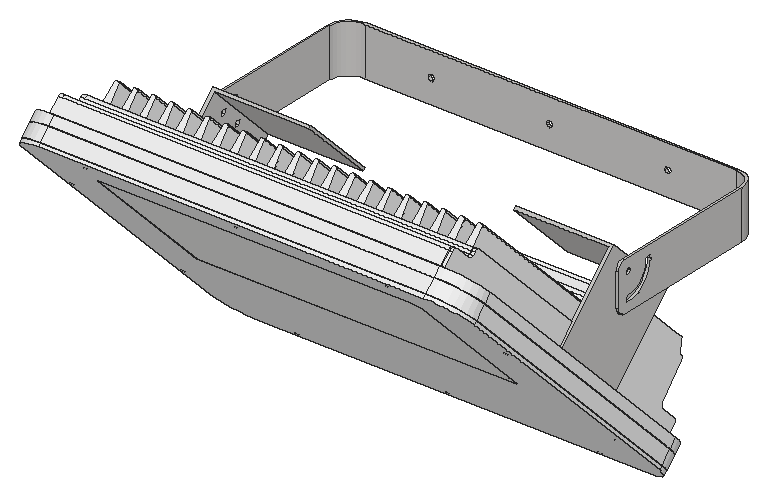
Revit family "FT ATEX LED MAX_2021", category Luminarias, Revit 2021 (continued)
Types (12, lengths in mm): name | Wattage | Power | Position | Archivo de red fotométrica | built-in parameter 1150142 | Modules | Lumens | built-in parameter 1150105 | built-in parameter 1150106 | Equiv MH
    \t4274.0546\r\n3184.3886\t2148.7786\t1449.0421\t1008.4752\t756.3564\t573.0361\t0\t0\t0\t0\r\n0\t0\t0\t0\t0\t0\t0\t0\t0\t0\r\n0\t0\t0\t0\t0\t0\t0\t0\t0\t0\r\n0\t0\t0\t0\t0\t0\t0\t0\t0\t0\r\n0\t0\t0\t0\t0\t0\t0\t0\t0\t0\r\n0\r\n1589.8441\t1593.9036\t1604.5866\t1614.6286\t1628.7302\t1643.6864\t1660.5655\t1676.59\t1693.2555\t1710.562\r\n1724.8772\t1746.8842\t1766.9682\t1801.3675\t1843.4585\t1898.3691\t1960.5442\t2029.3427\t2100.2778\t2177.8364\r\n2256.0359\t2340.4316\t2428.0322\t2517.7694\t2625.2404\t2743.1807\t2886.7603\t3063.6707\t3283.9542\t3552.0975\r\n3854.8537\t4175.771\t4495.4064\t4823.3745\t5155.1885\t5427.3913\t5550.2458\t5451.5349\t5020.5827\t4210.5976\r\n3150.844\t2143.6508\t1454.5973\t1009.7572\t755.5018\t570.8995\t0\t0\t0\t0\r\n0\t0\t0\t0\t0\t0\t0\t0\t0\t0\r\n0\t0\t0\t0\t0\t0\t0\t0\t0\t0\r\n0\t0\t0\t0\t0\t0\t0\t0\t0\t0\r\n0\t0\t0\t0\t0\t0\t0\t0\t0\t0\r\n0\r\n1591.3397\t1592.1943\t1604.5866\t1612.7057\t1626.5936\t1642.1908\t1656.9333\t1674.0261\t1686.4184\t1704.3658\r\n1717.3991\t1737.0558\t1758.4218\t1792.8211\t1837.9033\t1892.6003\t1958.1939\t2026.9924\t2095.5773\t2175.0588\r\n2249.6261\t2338.7224\t2423.1181\t2514.7782\t2626.9497\t2743.1807\t2889.7515\t3066.4483\t3288.4411\t3553.5931\r\n3852.5035\t4170.0022\t4486.86\t4817.6057\t5146.6421\t5416.0673\t5519.9061\t5392.9921\t4948.5793\t4147.1406\r\n3117.2994\t2138.3093\t1460.3661\t1011.0391\t754.8608\t568.9766\t0\t0\t0\t0\r\n0\t0\t0\t0\t0\t0\t0\t0\t0\t0\r\n0\t0\t0\t0\t0\t0\t0\t0\t0\t0\r\n0\t0\t0\t0\t0\t0\t0\t0\t0\t0\r\n0\t0\t0\t0\t0\t0\t0\t0\t0\t0\r\n0\r\n1590.2714\t1592.6216\t1601.5954\t1611.4237\t1624.8843\t1639.1995\t1654.3694\t1669.1119\t1682.5725\t1697.1014\r\n1712.9122\t1730.2187\t1753.9349\t1787.9069\t1832.5618\t1890.6773\t1956.4846\t2028.0607\t2096.4319\t2174.6315\r\n2250.6944\t2335.5175\t2422.2634\t2513.9236\t2622.4628\t2739.1212\t2885.692\t3061.7478\t3282.2449\t3545.474\r\n3841.3931\t4157.3963\t4472.9721\t4802.0085\t5121.2165\t5371.8397\t5456.8764\t5311.1603\t4868.0294\t4092.23\r\n3095.2924\t2141.0869\t1471.4764\t1025.3543\t765.7574\t577.9503\t0\t0\t0\t0\r\n0\t0\t0\t0\t0\t0\t0\t0\t0\t0\r\n0\t0\t0\t0\t0\t0\t0\t0\t0\t0\r\n0\t0\t0\t0\t0\t0\t0\t0\t0\t0\r\n0\t0\t0\t0\t0\t0\t0\t0\t0\t0\r\n0\r\n1588.9894\t1593.049\t1598.8178\t1610.1418\t1623.3887\t1636.4219\t1652.0191\t1664.1977\t1678.9403\t1689.6233\r\n1708.4254\t1723.1679\t1749.4481\t1782.9927\t1827.2203\t1888.5407\t1954.7753\t2029.3427\t2097.2866\t2174.2042\r\n2251.9764\t2332.3126\t2421.4088\t2513.0689\t2617.976\t2735.0617\t2881.6324\t3056.8336\t3276.0488\t3537.355\r\n3830.2828\t4144.5767\t4459.0842\t4786.4113\t5096.0047\t5327.6121\t5393.8467\t5229.3285\t4787.266\t4037.533\r\n3073.0718\t2143.8644\t1482.5867\t1039.6696\t776.8678\t586.924\t0\t0\t0\t0\r\n0\t0\t0\t0\t0\t0\t0\t0\t0\t0\r\n0\t0\t0\t0\t0\t0\t0\t0\t0\t0\r\n0\t0\t0\t0\t0\t0\t0\t0\t0\t0\r\n0\t0\t0\t0\t0\t0\t0\t0\t0\t0\r\n0\r\n1590.2714\t1591.3397\t1598.3905\t1606.5095\t1622.1067\t1634.0717\t1649.8825\t1661.4202\t1674.8807\t1688.3413\r\n1703.0839\t1720.8176\t1742.8246\t1777.6512\t1821.0242\t1879.9943\t1946.2289\t2017.1641\t2088.3128\t2163.3075\r\n2240.6524\t2323.9798\t2415.4263\t2509.0094\t2612.2072\t2728.0109\t2870.9494\t3044.014\t3260.2379\t3514.2797\r\n3808.7032\t4125.7746\t4442.6324\t4764.8317\t5077.4162\t5291.9309\t5353.465\t5194.5019\t4761.8404\t4027.7047\r\n3085.8914\t2171.8539\t1506.303\t1069.1546\t785.4142\t589.9153\t0\t0\t0\t0\r\n0\t0\t0\t0\t0\t0\t0\t0\t0\t0\r\n0\t0\t0\t0\t0\t0\t0\t0\t0\t0\r\n0\t0\t0\t0\t0\t0\t0\t0\t0\t0\r\n0\t0\t0\t0\t0\t0\t0\t0\t0\t0\r\n0\r\n1591.3397\t1589.8441\t1597.9631\t1602.8773\t1620.8248\t1631.5078\t1647.9596\t1658.4289\t1670.8212\t1687.273\r\n1697.7424\t1718.2537\t1736.2012\t1772.3097\t1814.828\t1871.4479\t1937.6825\t2004.7718\t2079.3391\t2152.1972\r\n2229.1148\t2315.8607\t2409.2302\t2504.9498\t2606.4383\t2721.1738\t2860.2664\t3031.4081\t3244.2134\t3491.4181\r\n3786.9098\t4106.9725\t4426.1806\t4743.0383\t5059.0415\t5256.4633\t5312.8696\t5159.6753\t4736.6285\t4017.8763\r\n3098.4973\t2199.6297\t1530.0193\t1098.6397\t793.9606\t592.6928\t0\t0\t0\t0\r\n0\t0\t0\t0\t0\t0\t0\t0\t0\t0\r\n0\t0\t0\t0\t0\t0\t0\t0\t0\t0\r\n0\t0\t0\t0\t0\t0\t0\t0\t0\t0\r\n0\t0\t0\t0\t0\t0\t0\t0\t0\t0\r\n0\r\n1591.767\t1589.8441\t1595.8265\t1602.45\t1618.0472\t1631.9351\t1644.541\t1657.3606\t1668.0436\t1681.9315\r\n1694.9648\t1711.6303\t1732.5689\t1765.6862\t1810.7685\t1868.4567\t1935.5459\t2004.3445\t2075.7069\t2150.0606\r\n2226.3372\t2310.5192\t2401.3247\t2496.8308\t2596.61\t2707.0722\t2844.2419\t3010.8967\t3223.7021\t3477.1028\r\n3775.7995\t4096.7168\t4418.9161\t4743.4657\t5052.6317\t5252.1901\t5300.9046\t5143.8645\t4717.6128\t4008.0479\r\n3116.0174\t2253.6857\t1602.8773\t1136.6712\t801.0113\t598.0343\t0\t0\t0\t0\r\n0\t0\t0\t0\t0\t0\t0\t0\t0\t0\r\n0\t0\t0\t0\t0\t0\t0\t0\t0\t0\r\n0\t0\t0\t0\t0\t0\t0\t0\t0\t0\r\n0\t0\t0\t0\t0\t0\t0\t0\t0\t0\r\n0\r\n1592.1943\t1589.8441\t1593.9036\t1602.0227\t1615.0559\t1632.3624\t1641.3361\t1656.0787\t1665.0524\t1676.59\r\n1692.1872\t1705.2205\t1728.9367\t1759.2764\t1806.709\t1865.6791\t1933.623\t2003.9171\t2071.861\t2148.1376\r\n2223.346\t2305.1777\t2393.633\t2488.7117\t2586.7816\t2693.1843\t2828.4311\t2990.3854\t3203.1907\t3462.7876\r\n3764.9029\t4086.4612\t4411.6517\t4743.893\t5046.0082\t5248.1306\t5289.1533\t5127.84\t4698.8107\t3998.2196\r\n3133.7512\t2307.7417\t1675.7354\t1174.7027\t808.0621\t603.3758\t0\t0\t0\t0\r\n0\t0\t0\t0\t0\t0\t0\t0\t0\t0\r\n0\t0\t0\t0\t0\t0\t0\t0\t0\t0\r\n0\t0\t0\t0\t0\t0\t0\t0\t0\t0\r\n0\t0\t0\t0\t0\t0\t0\t0\t0\t0\r\n0\r\n1600.0997\t1597.5358\t1602.45\t1610.5691\t1625.7389\t1640.4815\t1651.5918\t1664.6251\t1675.3081\t1688.3413\r\n1700.3063\t1711.6303\t1740.4744\t1774.8736\t1824.6564\t1886.1905\t1956.4846\t2023.5739\t2095.5773\t2170.9993\r\n2251.5491\t2340.4316\t2428.8869\t2525.0339\t2627.377\t2742.7534\t2882.7007\t3059.1839\t3279.4673\t3548.6789\r\n3861.9045\t4176.6257\t4527.0281\t4865.0382\t5169.931\t5354.5333\t5375.4719\t5193.4336\t4727.2275\t3970.6574\r\n3046.1506\t2197.4931\t1589.8441\t1117.8691\t788.8327\t601.2392\t0\t0\t0\t0\r\n0\t0\t0\t0\t0\t0\t0\t0\t0\t0\r\n0\t0\t0\t0\t0\t0\t0\t0\t0\t0\r\n0\t0\t0\t0\t0\t0\t0\t0\t0\t0\r\n0\t0\t0\t0\t0\t0\t0\t0\t0\t0\r\n0\r\n1607.7915\t1605.2276\t1610.9964\t1619.3291\t1636.4219\t1648.6006\t1661.8475\t1673.1715\t1685.5637\t1700.3063\r\n1708.4254\t1718.2537\t1751.7983\t1790.2571\t1842.8175\t1906.4882\t1979.3462\t2043.2306\t2119.5072\t2193.8609\r\n2279.7522\t2375.6855\t2464.1408\t2561.5697\t2667.9724\t2792.3225\t2937.184\t3127.9824\t3355.5303\t3634.5703\r\n3958.9061\t4266.5765\t4642.4045\t4986.1834\t5294.0675\t5460.9359\t5461.7906\t5258.8136\t4755.4306\t3943.309\r\n2958.55\t2087.4582\t1503.7391\t1061.0356\t769.6033\t599.3163\t0\t0\t0\t0\r\n0\t0\t0\t0\t0\t0\t0\t0\t0\t0\r\n0\t0\t0\t0\t0\t0\t0\t0\t0\t0\r\n0\t0\t0\t0\t0\t0\t0\t0\t0\t0\r\n0\t0\t0\t0\t0\t0\t0\t0\t0\t0\r\n0\r\n1602.45\t1600.7407\t1604.1593\t1613.5603\t1627.4482\t1641.3361\t1652.8738\t1665.0524\t1677.0173\t1690.4779\r\n1701.1609\t1712.9122\t1741.1153\t1778.5058\t1832.1345\t1896.6598\t1968.8769\t2037.8891\t2111.6018\t2188.0921\r\n2270.7785\t2361.7976\t2450.4665\t2542.9813\t2650.2386\t2772.2385\t2915.6044\t3098.9246\t3325.6179\t3601.453\r\n3919.5927\t4238.8007\t4593.69\t4949.0066\t5257.1043\t5441.2792\t5457.3037\t5261.5912\t4770.1732\t3963.8203\r\n2985.8985\t2115.234\t1510.3625\t1046.293\t755.0744\t582.0098\t0\t0\t0\t0\r\n0\t0\t0\t0\t0\t0\t0\t0\t0\t0\r\n0\t0\t0\t0\t0\t0\t0\t0\t0\t0\r\n0\t0\t0\t0\t0\t0\t0\t0\t0\t0\r\n0\t0\t0\t0\t0\t0\t0\t0\t0\t0\r\n0\r\n1597.1085\t1596.2539\t1597.1085\t1607.7915\t1618.4745\t1634.0717\t1643.6864\t1656.9333\t1668.2573\t1680.6496\r\n1693.6828\t1707.5707\t1730.646\t1766.5409\t1821.4515\t1886.8315\t1958.1939\t2032.5476\t2103.91\t2182.5369\r\n2261.8048\t2347.9097\t2437.006\t2524.6066\t2632.7185\t2752.1545\t2893.811\t3069.8669\t3295.7055\t3568.3357\r\n3880.2793\t4211.0249\t4544.9755\t4911.8297\t5220.3548\t5421.6225\t5452.8169\t5264.5824\t4784.9157\t3984.3317\r\n3013.247\t2143.2235\t1516.986\t1031.5505\t740.7592\t564.917\t0\t0\t0\t0\r\n0\t0\t0\t0\t0\t0\t0\t0\t0\t0\r\n0\t0\t0\t0\t0\t0\t0\t0\t0\t0\r\n0\t0\t0\t0\t0\t0\t0\t0\t0\t0\r\n0\t0\t0\t0\t0\t0\t0\t0\t0\t0\r\n0\r\n1594.7582\t1592.1943\t1594.3309\t1602.45\t1614.415\t1627.8755\t1639.6268\t1651.5918\t1661.8475\t1674.8807\r\n1685.5637\t1700.7336\t1723.1679\t1759.7038\t1814.4007\t1877.8577\t1951.5704\t2024.8558\t2098.5685\t2175.9134\r\n2253.2584\t2338.7224\t2424.4\t2517.7694\t2622.4628\t2741.4715\t2882.2734\t3060.4658\t3276.9034\t3540.9872\r\n3850.3669\t4174.0618\t4508.6533\t4866.3202\t5181.896\t5401.7521\t5452.3895\t5289.5806\t4820.8106\t4032.1915\r\n3048.5009\t2133.8224\t1476.3906\t1016.8079\t739.6909\t562.7804\t0\t0\t0\t0\r\n0\t0\t0\t0\t0\t0\t0\t0\t0\t0\r\n0\t0\t0\t0\t0\t0\t0\t0\t0\t0\r\n0\t0\t0\t0\t0\t0\t0\t0\t0\t0\r\n0\t0\t0\t0\t0\t0\t0\t0\t0\t0\r\n0\r\n1592.1943\t1588.1348\t1591.3397\t1597.1085\t1610.1418\t1621.6794\t1635.5673\t1646.2503\t1655.224\t1669.1119\r\n1677.4447\t1693.6828\t1715.9035\t1752.653\t1807.5636\t1868.884\t1944.947\t2017.1641\t2093.227\t2169.29\r\n2244.712\t2329.7486\t2411.5804\t2510.7187\t2612.2072\t2731.0021\t2870.9494\t3051.0648\t3258.1013\t3513.425\r\n3820.4545\t4137.3122\t4472.1175\t4820.8106\t5143.4372\t5381.6681\t5451.9622\t5314.5788\t4856.9191\t4080.0514\r\n3083.7548\t2124.4214\t1435.7952\t1002.0654\t738.409\t560.8575\t0\t0\t0\t0\r\n0\t0\t0\t0\t0\t0\t0\t0\t0\t0\r\n0\t0\t0\t0\t0\t0\t0\t0\t0\t0\r\n0\t0\t0\t0\t0\t0\t0\t0\t0\t0\r\n0\t0\t0\t0\t0\t0\t0\t0\t0\t0\r\n0\r\n1590.2714\t1586.8528\t1589.4167\t1595.3992\t1607.7915\t1618.9018\t1632.7897\t1642.1908\t1650.7372\t1663.7704\r\n1673.5988\t1690.0506\t1711.6303\t1749.8754\t1803.0767\t1865.6791\t1939.8191\t2013.7455\t2090.6631\t2165.2304\r\n2241.2934\t2325.2618\t2410.0848\t2506.2318\t2606.8657\t2725.6606\t2861.1211\t3032.9037\t3241.0085\t3490.9907\r\n3794.3879\t4113.1687\t4440.2821\t4780.0015\t5106.0467\t5354.1059\t5434.4421\t5311.5876\t4867.6021\t4081.9743\r\n3074.7811\t2103.4827\t1422.7619\t999.9288\t741.1865\t565.9853\t0\t0\t0\t0\r\n0\t0\t0\t0\t0\t0\t0\t0\t0\t0\r\n0\t0\t0\t0\t0\t0\t0\t0\t0\t0\r\n0\t0\t0\t0\t0\t0\t0\t0\t0\t0\r\n0\t0\t0\t0\t0\t0\t0\t0\t0\t0\r\n0\r\n1588.1348\t1585.5709\t1587.2801\t1593.9036\t1605.2276\t1615.9106\t1629.7985\t1638.1312\t1646.2503\t1658.4289\r\n1669.9666\t1686.4184\t1707.5707\t1746.8842\t1798.5899\t1862.2606\t1934.4776\t2010.5406\t2088.3128\t2161.1709\r\n2238.0885\t2320.7749\t2408.3755\t2501.7449\t2601.5242\t2720.3191\t2851.2927\t3014.9563\t3223.7021\t3468.5564\r\n3768.1078\t4089.0251\t4408.2331\t4738.9788\t5068.8698\t5326.7575\t5416.7083\t5308.81\t4878.0715\t4084.1109\r\n3065.8073\t2082.544\t1409.7287\t997.7922\t744.1778\t571.3268\t0\t0\t0\t0\r\n0\t0\t0\t0\t0\t0\t0\t0\t0\t0\r\n0\t0\t0\t0\t0\t0\t0\t0\t0\t0\r\n0\t0\t0\t0\t0\t0\t0\t0\t0\t0\r\n0\t0\t0\t0\t0\t0\t0\t0\t0\t0\r\n0\r\n1588.5621\t1585.5709\t1586.4255\t1593.4763\t1602.45\t1614.415\t1627.0209\t1634.7127\t1644.1137\t1654.3694\r\n1666.7617\t1682.5725\t1706.0751\t1742.8246\t1796.8806\t1861.6196\t1932.341\t2011.3952\t2087.8855\t2163.9485\r\n2238.0885\t2318.6383\t2406.2389\t2497.6854\t2602.3788\t2715.8323\t2850.0107\t3012.606\t3217.0786\t3463.2149\r\n3758.2794\t4078.7694\t4386.2261\t4708.2118\t5028.0608\t5292.7855\t5397.4789\t5303.4685\t4892.3867\t4109.9638\r\n3082.4728\t2080.8347\t1402.2506\t995.0146\t741.6139\t572.1815\t0\t0\t0\t0\r\n0\t0\t0\t0\t0\t0\t0\t0\t0\t0\r\n0\t0\t0\t0\t0\t0\t0\t0\t0\t0\r\n0\t0\t0\t0\t0\t0\t0\t0\t0\t0\r\n0\t0\t0\t0\t0\t0\t0\t0\t0\t0\r\n0\r\n1588.9894\t1585.5709\t1585.5709\t1593.049\t1599.6724\t1612.7057\t1624.2433\t1631.5078\t1642.1908\t1650.3098\r\n1663.3431\t1678.9403\t1704.3658\t1738.7651\t1795.1713\t1860.7649\t1930.2044\t2012.2499\t2087.4582\t2166.9397\r\n2238.0885\t2316.7154\t2404.316\t2493.4122\t2603.2334\t2711.3454\t2848.7288\t3010.0421\t3210.6688\t3457.8734\r\n3748.451\t4068.5137\t4364.0055\t4677.6584\t4987.0381\t5258.8136\t5378.2495\t5298.127\t4906.9156\t4135.603\r\n3099.352\t2079.3391\t1394.9861\t992.237\t739.2636\t573.0361\t0\t0\t0\t0\r\n0\t0\t0\t0\t0\t0\t0\t0\t0\t0\r\n0\t0\t0\t0\t0\t0\t0\t0\t0\t0\r\n0\t0\t0\t0\t0\t0\t0\t0\t0\t0\r\n0\t0\t0\t0\t0\t0\t0\t0\t0\t0\r\n0\r\n1591.3397\t1585.3572\t1587.7075\t1593.049\t1600.7407\t1611.851\t1623.3887\t1631.5078\t1639.6268\t1649.8825\r\n1660.1382\t1677.0173\t1699.879\t1734.2782\t1790.2571\t1854.1415\t1926.5722\t2005.1991\t2085.1079\t2166.9397\r\n2243.43\t2324.4071\t2407.0936\t2497.2581\t2597.0373\t2707.4995\t2839.3277\t3001.923\t3203.1907\t3446.3358\r\n3734.5631\t4041.1652\t4333.8794\t4632.1488\t4934.6914\t5207.3215\t5337.8678\t5273.9834\t4907.1292\t4150.7728\r\n3114.5218\t2087.4582\t1396.4818\t990.1004\t740.1182\t573.0361\t0\t0\t0\t0\r\n0\t0\t0\t0\t0\t0\t0\t0\t0\t0\r\n0\t0\t0\t0\t0\t0\t0\t0\t0\t0\r\n0\t0\t0\t0\t0\t0\t0\t0\t0\t0\r\n0\t0\t0\t0\t0\t0\t0\t0\t0\t0\r\n0\r\n1593.9036\t1584.9299\t1589.8441\t1593.049\t1602.0227\t1610.9964\t1622.534\t1631.5078\t1637.2766\t1649.4552\r\n1656.9333\t1674.8807\t1695.3921\t1729.7914\t1785.343\t1847.7317\t1922.94\t1998.1483\t2082.544\t2166.9397\r\n2248.7715\t2332.3126\t2410.0848\t2500.8903\t2590.8412\t2703.8673\t2829.9267\t2993.5903\t3195.9263\t3435.0118\r\n3720.6752\t4013.6031\t4303.5397\t4586.6392\t4882.3447\t5155.6158\t5297.2724\t5249.8399\t4907.5565\t4165.9427\r\n3129.6917\t2095.5773\t1398.191\t988.1775\t740.7592\t573.0361\t0\t0\t0\t0\r\n0\t0\t0\t0\t0\t0\t0\t0\t0\t0\r\n0\t0\t0\t0\t0\t0\t0\t0\t0\t0\r\n0\t0\t0\t0\t0\t0\t0\t0\t0\t0\r\n0\t0\t0\t0\t0\t0\t0\t0\t0\t0\r\n0\r\n1593.4763\t1584.5026\t1588.9894\t1592.6216\t1601.5954\t1610.1418\t1620.3974\t1629.3712\t1636.4219\t1648.3869\r\n1656.506\t1672.9578\t1692.8282\t1726.8001\t1780.8561\t1843.4585\t1919.7351\t1995.7981\t2081.2621\t2166.5124\r\n2248.7715\t2332.3126\t2412.0077\t2501.3176\t2592.9778\t2705.5766\t2833.9862\t2997.4361\t3195.0716\t3435.4391\r\n3714.4791\t4005.0567\t4299.0529\t4581.725\t4872.5163\t5132.7542\t5273.5561\t5226.5509\t4887.4725\t4149.9182\r\n3124.9912\t2100.9188\t1401.3959\t994.5873\t746.9554\t578.8049\t0\t0\t0\t0\r\n0\t0\t0\t0\t0\t0\t0\t0\t0\t0\r\n0\t0\t0\t0\t0\t0\t0\t0\t0\t0\r\n0\t0\t0\t0\t0\t0\t0\t0\t0\t0\r\n0\t0\t0\t0\t0\t0\t0\t0\t0\t0\r\n0\r\n1593.049\t1584.0752\t1588.1348\t1592.1943\t1601.168\t1609.5008\t1618.4745\t1627.4482\t1635.5673\t1647.1049\r\n1656.0787\t1670.8212\t1690.4779\t1724.0225\t1776.3692\t1839.3989\t1916.3165\t1993.4478\t2080.1938\t2166.0851\r\n2248.7715\t2332.3126\t2414.1443\t2501.7449\t2595.1144\t2707.0722\t2838.2594\t3001.0684\t3194.217\t3435.6528\r\n3708.283\t3996.5103\t4294.566\t4576.8109\t4862.6879\t5109.8926\t5249.8399\t5203.0483\t4867.6021\t4134.1073\r\n3120.5043\t2106.2603\t1404.8145\t1001.2108\t753.1515\t584.5738\t0\t0\t0\t0\r\n0\t0\t0\t0\t0\t0\t0\t0\t0\t0\r\n0\t0\t0\t0\t0\t0\t0\t0\t0\t0\r\n0\t0\t0\t0\t0\t0\t0\t0\t0\t0\r\n0\t0\t0\t0\t0\t0\t0\t0\t0\t0\r\n0\r\n1591.3397\t1584.0752\t1586.4255\t1591.3397\t1601.168\t1607.7915\t1618.0472\t1627.0209\t1635.9946\t1646.2503\r\n1654.3694\t1669.5392\t1689.196\t1723.1679\t1772.3097\t1837.0487\t1910.975\t1986.397\t2071.0064\t2154.9748\r\n2241.2934\t2323.3388\t2407.5209\t2491.0619\t2586.3543\t2699.8078\t2830.7813\t2992.9493\t3183.1067\t3418.9873\r\n3692.8994\t3988.3912\t4291.1474\t4587.9212\t4887.2588\t5135.5318\t5253.8994\t5177.8364\t4824.4428\t4089.0251\r\n3089.9509\t2101.3461\t1412.5063\t1012.3211\t762.5525\t592.6928\t0\t0\t0\t0\r\n0\t0\t0\t0\t0\t0\t0\t0\t0\t0\r\n0\t0\t0\t0\t0\t0\t0\t0\t0\t0\r\n0\t0\t0\t0\t0\t0\t0\t0\t0\t0\r\n0\t0\t0\t0\t0\t0\t0\t0\t0\t0\r\n0\r\n1589.8441\t1584.0752\t1584.9299\t1590.485\t1601.168\t1606.0822\t1617.6199\t1626.5936\t1636.4219\t1645.3957\r\n1652.8738\t1668.2573\t1687.914\t1722.3133\t1768.2502\t1834.4848\t1905.8472\t1979.3462\t2062.0327\t2143.8644\r\n2234.029\t2314.1515\t2401.1111\t2480.3789\t2577.8079\t2692.5433\t2823.5169\t2984.6165\t3172.21\t3402.1082\r\n3677.3023\t3980.0585\t4287.9425\t4599.0315\t4911.8297\t5161.3846\t5257.9589\t5152.4109\t4781.4971\t4043.9428\r\n3059.1839\t2096.4319\t1420.4117\t1023.2177\t771.9536\t600.8119\t0\t0\t0\t0\r\n0\t0\t0\t0\t0\t0\t0\t0\t0\t0\r\n0\t0\t0\t0\t0\t0\t0\t0\t0\t0\r\n0\t0\t0\t0\t0\t0\t0\t0\t0\t0\r\n0\t0\t0\t0\t0\t0\t0\t0\t0\t0\r\n0\r\n1588.9894\t1584.5026\t1584.5026\t1590.485\t1599.6724\t1606.5095\t1617.6199\t1626.1663\t1635.9946\t1644.1137\r\n1653.3011\t1666.7617\t1687.914\t1723.1679\t1771.8824\t1837.0487\t1907.3428\t1985.1151\t2065.4512\t2145.5737\r\n2231.8924\t2311.3739\t2398.9745\t2482.9429\t2582.7221\t2694.4663\t2825.8672\t2980.1297\t3167.2958\t3392.7071\r\n3661.7051\t3961.2564\t4266.1492\t4584.7163\t4898.5828\t5146.2148\t5237.0203\t5096.2183\t4688.3414\t3945.6592\r\n2999.7864\t2080.6211\t1421.0527\t1026.209\t774.7312\t602.5212\t0\t0\t0\t0\r\n0\t0\t0\t0\t0\t0\t0\t0\t0\t0\r\n0\t0\t0\t0\t0\t0\t0\t0\t0\t0\r\n0\t0\t0\t0\t0\t0\t0\t0\t0\t0\r\n0\t0\t0\t0\t0\t0\t0\t0\t0\t0\r\n0\r\n1588.1348\t1584.9299\t1584.0752\t1590.485\t1597.9631\t1606.9369\t1617.6199\t1625.7389\t1635.5673\t1643.0454\r\n1653.5147\t1665.0524\t1687.914\t1724.0225\t1775.5146\t1839.3989\t1909.0521\t1990.8839\t2068.6561\t2147.283\r\n2229.9694\t2308.5963\t2396.8379\t2485.2931\t2587.6363\t2696.6029\t2828.4311\t2975.6428\t3162.3817\t3383.3061\r\n3646.1079\t3942.4543\t4244.5696\t4570.4011\t4885.5496\t5131.0449\t5216.2952\t5040.2394\t4594.972\t3847.5893\r\n2940.3889\t2064.5966\t1421.9073\t1028.9866\t777.7224\t604.2305\t0\t0\t0\t0\r\n0\t0\t0\t0\t0\t0\t0\t0\t0\t0\r\n0\t0\t0\t0\t0\t0\t0\t0\t0\t0\r\n0\t0\t0\t0\t0\t0\t0\t0\t0\t0\r\n0\t0\t0\t0\t0\t0\t0\t0\t0\t0\r\n0\r\n1589.4167\t1584.5026\t1584.9299\t1590.485\t1597.5358\t1607.7915\t1616.3379\t1627.0209\t1634.7127\t1642.6181\r\n1653.3011\t1665.4797\t1689.6233\t1724.0225\t1775.5146\t1838.117\t1910.7614\t1992.1658\t2068.6561\t2147.7103\r\n2231.465\t2313.0832\t2398.9745\t2489.78\t2592.5504\t2702.5853\t2834.4136\t2982.2663\t3164.7319\t3384.5881\r\n3645.2533\t3937.1128\t4236.4505\t4551.1717\t4858.8421\t5119.2936\t5208.3898\t5024.2149\t4558.4361\t3809.5578\r\n2916.2453\t2048.1448\t1414.6429\t1022.1494\t769.6033\t596.7524\t0\t0\t0\t0\r\n0\t0\t0\t0\t0\t0\t0\t0\t0\t0\r\n0\t0\t0\t0\t0\t0\t0\t0\t0\t0\r\n0\t0\t0\t0\t0\t0\t0\t0\t0\t0\r\n0\t0\t0\t0\t0\t0\t0\t0\t0\t0\r\n0\r\n1590.485\t1584.0752\t1585.5709\t1590.485\t1597.1085\t1608.6461\t1615.0559\t1628.3029\t1634.0717\t1642.1908\r\n1652.8738\t1665.907\t1691.3326\t1724.0225\t1775.5146\t1837.0487\t1912.257\t1993.4478\t2068.6561\t2148.1376\r\n2233.1743\t2317.57\t2401.1111\t2494.2668\t2597.4646\t2708.7815\t2840.6097\t2988.8897\t3167.2958\t3385.87\r\n3644.3986\t3931.7713\t4228.1177\t4531.9423\t4832.3482\t5107.3286\t5200.6981\t5008.4041\t4522.1139\t3771.3127\r\n2892.1018\t2031.9066\t1407.1648\t1015.0987\t761.2706\t589.4879\t0\t0\t0\t0\r\n0\t0\t0\t0\t0\t0\t0\t0\t0\t0\r\n0\t0\t0\t0\t0\t0\t0\t0\t0\t0\r\n0\t0\t0\t0\t0\t0\t0\t0\t0\t0\r\n0\t0\t0\t0\t0\t0\t0\t0\t0\t0\r\n0\r\n1590.485\t1584.5026\t1585.3572\t1590.485\t1597.5358\t1608.6461\t1614.6286\t1629.1575\t1635.5673\t1644.9683\r\n1654.7967\t1668.2573\t1694.1101\t1728.5094\t1780.4288\t1842.8175\t1919.3078\t1997.9347\t2073.9976\t2154.9748\r\n2238.5158\t2324.4071\t2407.9482\t2500.8903\t2600.6695\t2715.8323\t2845.0966\t2999.3591\t3183.9613\t3409.159\r\n3676.8749\t3966.1706\t4268.7131\t4580.2294\t4890.0364\t5159.6753\t
